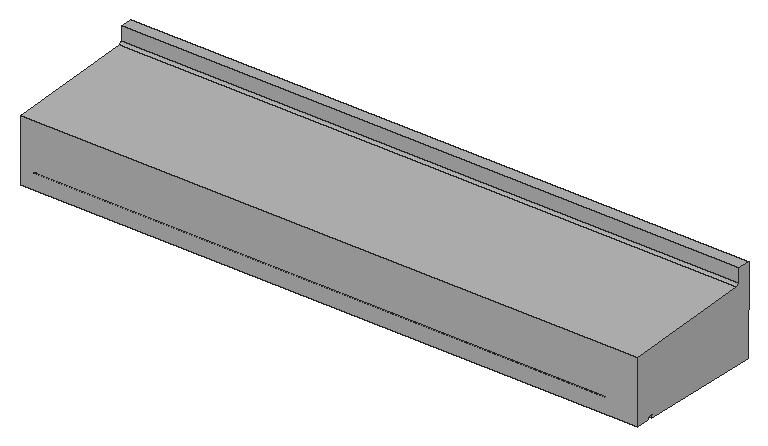
Revit family "H-Sill -S255", category Generic Models, Revit 2020
Family settings
  Can host rebar = No
  Round Connector Dimension = Use Diameter
  Part Type = Normal
  Work Plane-Based = No
  Always vertical = Yes
  Cut with Voids When Loaded = No
  Shared = No
  Room Calculation Point = No
Parameters
  Width of Seating = 20 mm
  Weight = "60Kg/m"
  Warranty Guarantor Parts = "n/a"
  Warranty Guarantor Labour = "n/a"
  Warranty Duration Unit = "n/a"
  Warranty Duration Parts = "n/a"
  Warranty Duration Labour = "n/a"
  Warranty Description = "n/a"
  URL = "www.killeshal.com"
  Types = "Single"
  Type Comments = "Visit our website for a full list of available products."
  Sustainability Performance = "n/a"
  Structural Class = "n/a"
  Span = "Ope Size + 205mm overhang."
  Slope = "0.00°"
  Size = "215mm x 140 to 100mm"
  Sill Width [instance] = 225 mm
  Sill Length [instance] = 1002 mm
  Sill Height [instance] = 140 mm
  Shape = "As per drawing"
  Service Life = "0.000000"
  Serial Number = "n/a"
  Resistance to Fire = "n/a"
  Replacement Cost = "n/a"
  Reference = "n/a"
  Notified Body = "n/a"
  Nominal Cover to Main Bar = "n/a"
  Model = "S/255 Sill"
  Mechanical Resistance = "n/a"
  Manufacturer = "Killeshal Precast Concrete Ltd."
  Load Bearing = no
  Life Cycle Environmental Load = "n/a"
  Length Options = "Stock sizes 552mm, 665mm, 777mm, 890mm, 1002mm, 1050mm, 1115mm, 1227mm, 1340mm, 1452mm, 1565mm, 1677mm, 1790mm, 1902mm, 2015mm, 2127mm, 2240mm, 2352mm, 2465mm, 2577mm, 2690mm, 2802mm, 2915mm"
  Keynote = "The information contained is the sole property of KPC Ltd., any reproduction in part or whole without permission of KPC Ltd. is prohibited."
  Front Face Dimension = 100 mm
  Environmental Product Declaration = "n/a"
  Environmental Class = "n/a"
  Durability against Corrosion = "n/a"
  Distance from Face to Seating = 205 mm
  Dimension Accuracy Class = "n/a"
  Detailing = "As per design specification and product drawings."
  Description = "Type H-Sill"
  Default Elevation = 0 mm
  Dangerous Substances = "n/a"
  Contact Tel = "0035357 9353018"
  Contact Email = "sales@killeshal.com"
  Construction Type = "Precast"
  Construction Tolerance Class = "n/a"
  Compressive Strength of Concrete = "n/a"
  Characteristics of Reinforcing Steel = "n/a"
  Characteristics Deflection Under Load = "n/a"
Reference planes
  plane 1 "Center (Front/Back)": y = 0
  plane 2: z = 0
  plane 3 "Center (Left/Right)": x = 0
  plane 4 "Rear": y = 112.5
  plane 5 "Front": y = -112.5
  plane 6 "Top": z = 140
  plane 7 "Center L/T": z = 100
  plane 8 "Center L/U": y = 92.5
  plane 9 "Center L/V": z = 115
Forms (mm)
  Extrusion 1, solid, material "Precast Concrete (KPC)"
    sketch origin (0, 0, 0) x (0, 1, 0) y (0, 0, 1)
      loop
        line (112.5, 0) -> (112.5, 140) -> (92.5, 140) -> (92.5, 118.707)
        arc (92.5, 118.707) -> (91.43, 115.984) -> (88.792, 114.718) r 4
        line (88.792, 114.718) -> (-112.5, 100) -> (-112.5, 0) -> (-92.5, 0)
        arc (-92.5, 0) -> (-87.5, 5) -> (-82.5, 0) r 5
        line (-82.5, 0) -> (112.5, 0)
    from 0 to 1002
Dimensions and locks
  "Sill Width": Extrusion 1 to Extrusion 1
  Extrusion 1 to plane 7 "Center L/T" = 100 mm
  "Sill Height": Extrusion 1 to Extrusion 1
  Extrusion 1 to Extrusion 1 = 20 mm
  Extrusion 1 to plane 5 "Front" = 205 mm
  Extrusion 1 to plane 7 "Center L/T" = 40 mm
  "Sill Length": Extrusion 1 to Extrusion 1
  aligned and locked: level to plane 2
Automatic sketch dimensions
  Extrusion 1 sketch curve to level = 0 mm
  Extrusion 1 sketch curve to plane 5 "Front" = 0 mm
  Extrusion 1 sketch curve to plane 8 "Center L/U" = 0 mm
  Extrusion 1 sketch curve to plane 4 "Rear" = 0 mm
  Extrusion 1 sketch curve to plane 7 "Center L/T" = 0 mm
  Extrusion 1 sketch curve to plane 6 "Top" = 0 mm
  plane 5 "Front" to Extrusion 1 sketch curve = 20 mm
  Extrusion 1 sketch curve to Extrusion 1 sketch curve = 5 mm
  Extrusion 1 sketch curve to plane 8 "Center L/U" = 4 mm
  Extrusion 1 sketch curve to plane 9 "Center L/V" = 0.282 mm
  Extrusion 1 sketch curve to plane 8 "Center L/U" = 3.708 mm
